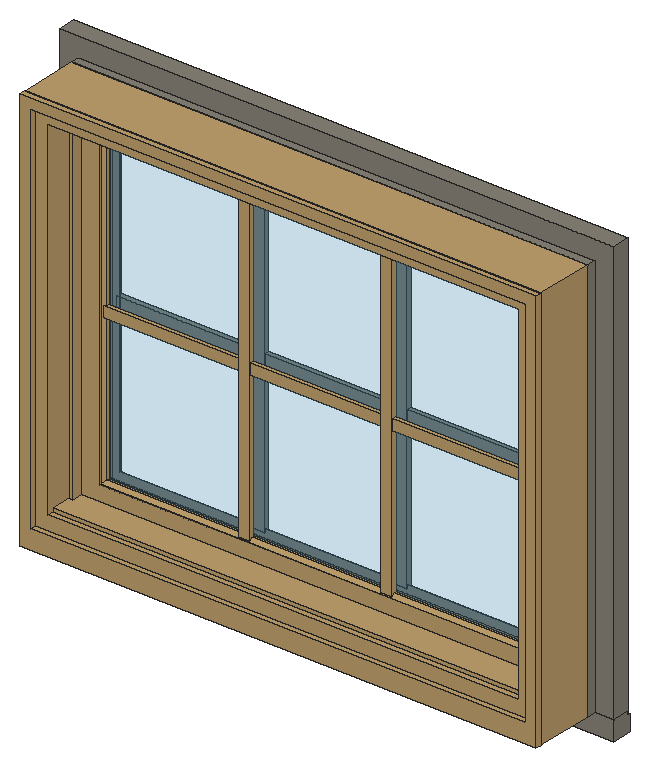
Revit family
Parameters (values of type "CUDHT-NG3020")
  Window Type = "Clad Ultimate Double Hung Transom Unit-NG"
  Void Offset_S = if(Subsill A217 Visibility, 0' 1 11/32", if(Subsill A246 Visibility, 0' 0 9/16", 0' 0"))  # 0' - 1 11/32"
  Void Offset = if(Flat Casing Visibility, 0' 3", if(BMC Visibility, 0' 1 5/16", 0' 0"))  # 0' - 1 5/16"
  URL = "www.marvin.com"
  Subsill Height = if(Subsill A217 Visibility, 0' 1 11/32", 0' 0 9/16")  # 0' - 1 11/32"
  Subsill A246 Visibility = and(Subsill Visibility, Subsill A246)  # no
  Subsill A217 Visibility = and(Subsill Visibility, Subsill A217)  # yes
  Rough Width = Width + 0' 1"  # 3' - 0 1/4"
  Rough Height = Height + 0' 0 1/2"  # 2' - 4 3/16"
  Prairie Corner Width = 0' - 4"
  Prairie Corner Height = 0' - 4"
  Nominal Width = 3' - 0"
  Nominal Height = 2' - 4"
  Muntins Interior Visibility = yes
  Muntins Interior Material = Wood-Marvin-Pine
  Muntins Exterior Visibility = yes
  Muntins Exterior Material = Aluminum-Marvin-Bronze
  Model = "CUDHT-NG3020"
  Manufacturer = "Marvin Windows and Doors"
  Lites Wide = 3
  Lites High = 2
  Lite Cut Prairie 9 = no
  Lite Cut HV Grid = not(Lite Cut Prairie 9)  # yes
  Interior Material = Wood-Marvin-Pine
  Frame = "Aluminum Clad"
  Flat Casing Visibility = and(Casing Visibility, Flat Casing)  # no
  Cladding Material = Aluminum-Marvin-Bronze
  Casing Visibility = yes
  BMC Visibility = and(Casing Visibility, BMC)  # yes
  BMC = yes
  Flat Casing = not(BMC)  # no
  Subsill Visibility = yes
  Subsill A246 = no
  Subsill A217 = not(Subsill A246)  # yes
  Label Visibility = no
  Jamb Extension Visibility = yes
  Inset to Installation Flange [instance] = 0' - 1"
  Height = Nominal Height - 0' 0 5/16"  # 2' - 3 11/16"
  Glazing Material = Glass-Marvin-IG Low E II with Argon
  Glass Type = "IG Low E II with Argon"
  Family created by = "www.rbuiltcomponents.com"
  Design Pressure = "DP50"
  Description = "3020 FIXED"
  Default Head Height = 8' - 0"
  Wall Closure = (empty or 0)
  Width = Nominal Width - 0' 0 3/4"  # 2' - 11 1/4"
  Daylight Area = DLO Width * DLO Height  # 4.1428 SF
  DLO Width = Width - 0' 6 1/2"  # 2' - 4 3/4"
  DLO Height = Height - 0' 6 15/16"  # 1' - 8 3/4"
  Assembly Code = ""
Reference planes (in)
  plane 1 "Center (Front/Back)": y = 0
  plane 2: z = 0
  plane 3 "Center (Left/Right)": x = 0
  plane 4 "Left": x = -17.625
  plane 5 "Right": x = 17.625
  plane 6 "Sill": z = 68.3125
  plane 7 "Top": z = 96
  plane 8 "Inset": y = 2
  plane 9 "Glazing 2": y = 1.4375
  plane 10 "Jamb Ext Face": y = -2.5625
  plane 11: z = 92.78125
  plane 12: x = 14.375
  plane 13: x = -14.375
  plane 14: z = 72.03125
  plane 15: y = -2.59375
  plane 16 "Void Offset": z = 97.3125
  plane 17 "Void Offset Sill": z = 66.96875
  plane 18: x = 18.9375
  plane 19: x = -18.9375
  plane 20: y = 0.46875
Forms (in)
  Sweep 1, solid, material "Aluminum-Marvin-Bronze" <- "Cladding Material"
    path origin (0, 1.4375, 0) x (1, 0, 0) y (0, 0, 1)
      loop
        line (17.03125, 68.3125) -> (-17.03125, 68.3125)
    profile "Clad Sill : Clad Sill" origin (0, 1.4375, 68.3125) x (0, 0, -1) y (0, -1, 0)
      loop
        line (0, 0) -> (-1.00185, 0) -> (-0.80316, -0.79687) -> (-0.72218, -0.79687) -> (-0.59375, -1.65625) -> (0, -1.65625) -> (0, 0)
  Sweep 2, solid, material "Aluminum-Marvin-Bronze" <- "Cladding Material"
    path origin (0, 1.4375, 0) x (1, 0, 0) y (0, 0, 1)
      loop
        line (-17.625, 68.3125) -> (-17.625, 96) -> (17.625, 96) -> (17.625, 68.3125)
    profile "Clad Frame : Clad Frame" origin (-17.625, 1.4375, 82.15625) x (-1, 0, 0) y (0, -1, 0)
      loop
        line (-1.78125, -0.78125) -> (-0.9375, -0.78125) -> (-0.9375, -1.1875) -> (-0.66381, -1.1875) -> (-0.59375, -1.65625) -> (0, -1.65625) -> (0, 0) -> (-1.5625, 0) -> (-1.5625, -0.4375) -> (-1.78125, -0.4375) -> (-1.78125, -0.78125)
  Sweep 3, solid, material "Wood-Marvin-Pine" <- "Interior Material"
    path origin (0, 1.4375, 0) x (1, 0, 0) y (0, 0, 1)
      loop
        line (16.125, 68.3125) -> (-16.125, 68.3125)
    profile "Sill interior : Sill interior" origin (0, 1.4375, 68.3125) x (0, 0, -1) y (0, -1, 0)
      loop
        line (0, 0) -> (0, 4) -> (-2.22769, 4) -> (-2.22769, 3.53125) -> (-2.47769, 3.53125) -> (-2.47769, 1.40625) -> (-1.35247, 1.40625) -> (-1.00185, 0) -> (0, 0)
  Sweep 4, solid, material "Wood-Marvin-Pine" <- "Interior Material"
    path origin (0, 1.4375, 0) x (1, 0, 0) y (0, 0, 1)
      loop
        line (-14.375, 72.03125) -> (14.375, 72.03125) -> (14.375, 92.78125) -> (-14.375, 92.78125) -> (-14.375, 72.03125)
    profile "Sash 2 : Sash 2" origin (-14.375, 1.4375, 82.40625) x (-1, 0, 0) y (0, -1, 0)
      loop
        line (1.65625, 1.40625) -> (0.21901, 1.40625) -> (0.21901, 1.33933) -> (0, 1.12032) -> (0, 0.96875) -> (0.75, 0.96875) -> (0.75, 0) -> (1.65625, 0) -> (1.65625, 1.40625)
  Sweep 5, solid, material "Aluminum-Marvin-Bronze" <- "Cladding Material"
    path origin (0, 1.4375, 0) x (1, 0, 0) y (0, 0, 1)
      loop
        line (-14.375, 72.03125) -> (14.375, 72.03125) -> (14.375, 92.78125) -> (-14.375, 92.78125) -> (-14.375, 72.03125)
    profile "Clad Sash : Clad Sash" origin (-14.375, 1.4375, 82.40625) x (-1, 0, 0) y (0, -1, 0)
      loop
        line (1.65625, 0) -> (0, 0) -> (0, -0.03595) -> (0.1875, -0.19262) -> (0.1875, -0.34375) -> (1.65625, -0.34375) -> (1.65625, 0)
  Sweep 6, solid, material "Aluminum-Marvin-Bronze" <- "Cladding Material"
    path in 3D
      loop
        line (16.03125, 1.78125, 70.375) -> (-16.03125, 1.78125, 70.375)
    profile "Clad Sash bottom ext : Clad Sash bottom ext" origin (0, 1.78125, 70.375) x (0, 1, 0) y (0, 0, -1)
      loop
        line (-0.34375, 0.65625) -> (-0.34375, 0) -> (0, 0) -> (0, 1.0986) -> (-0.25, 1.03627) -> (-0.25, 0.65625) -> (-0.34375, 0.65625)
  Sweep 7, solid, material "Wood-Marvin-Pine" <- "Interior Material"
    path in 3D
      loop
        line (16.03125, 1.4375, 70.375) -> (-16.03125, 1.4375, 70.375)
    profile "Sash bottom ext : Sash bottom ext" origin (0, 1.4375, 70.375) x (0, 1, 0) y (0, 0, -1)
      loop
        line (-1.40625, 0.65625) -> (-1.40625, 0) -> (0, 0) -> (0, 0.65625) -> (-1.40625, 0.65625)
  Extrusion 8, solid, material "Glass-Marvin-IG Low E II with Argon" <- "Glazing Material"
    sketch origin (0, 1.4375, 0) x (1, 0, 0) y (0, 0, 1)
      loop
        line (14.875, 93.28125) -> (-14.875, 93.28125) -> (-14.875, 71.53125) -> (14.875, 71.53125) -> (14.875, 93.28125)
    from 0 to 0.15625
  Extrusion 9, solid, material "Glass-Marvin-IG Low E II with Argon" <- "Glazing Material"
    sketch origin (0, 1.4375, 0) x (1, 0, 0) y (0, 0, 1)
      loop
        line (14.875, 93.28125) -> (-14.875, 93.28125) -> (-14.875, 71.53125) -> (14.875, 71.53125) -> (14.875, 93.28125)
    from 0.8125 to 0.96875
  Extrusion 10, solid, material "Wood-Marvin-Pine" <- "Interior Material", visible <- "Jamb Extension Visibility", detail levels medium+fine
    sketch origin (0, -2.3125, 0) x (1, 0, 0) y (0, 0, 1)
      loop
        line (-17.625, 96) -> (-17.625, 68.3125) -> (17.625, 68.3125) -> (17.625, 96) -> (-17.625, 96)
      loop
        line (-16.9375, 95.3125) -> (-16.9375, 69.625) -> (16.9375, 69.625) -> (16.9375, 95.3125) -> (-16.9375, 95.3125)
    from 0.28125 to 0.6875
  Extrusion 11, void
    sketch origin (0, 0, 68.3125) x (0, -1, 0) y (1, 0, 0)
      loop
        line (-2, -17.625) -> (3, -17.625) -> (3, 17.625) -> (-2, 17.625) -> (-2, -17.625)
    from 27.6875 to 0
  Extrusion 12, void
    sketch origin (0, 0, 68.3125) x (0, -1, 0) y (1, 0, 0)
      loop
        line (-3.125, -18.9375) -> (-2, -18.9375) -> (-2, 18.9375) -> (-3.125, 18.9375) -> (-3.125, -18.9375)
    from 29 to -1.34375
  Sweep 13, solid, material "Wood-Marvin-Pine" <- "Interior Material"
    path origin (0, 1.4375, 0) x (1, 0, 0) y (0, 0, 1)
      loop
        line (-17.625, 68.3125) -> (-17.625, 96) -> (17.625, 96) -> (17.625, 68.3125)
    profile "Int Frame : Int Frame" origin (-17.625, 1.4375, 82.15625) x (-1, 0, 0) y (0, -1, 0)
      loop
        line (0, 0) -> (0, 4) -> (-1.5, 4) -> (-1.5, 2.1875) -> (-1.78125, 2.1875) -> (-1.78125, 1.45313) -> (-1.5, 1.45313) -> (-1.5, 0) -> (0, 0)
Cuts and joins
  joined: Sweep 5, Sweep 6
  joined: Sweep 4, Sweep 7
  joined: Sweep 1, Sweep 2
  joined: Sweep 3, Sweep 13
Lines and regions (in)
  Masking region 1
    outline origin (0, 0, 68.3125) x (0, -1, 0) y (1, 0, 0)
      loop
        line (-3.09375, -17.625) -> (2.5625, -17.625) -> (2.5625, 17.625) -> (-3.09375, 17.625) -> (-3.09375, -17.625)
  Masking region 2
    outline origin (0, 0, 0) x (0, 1, 0) y (0, 0, 1)
      loop
        line (3.09375, 96) -> (-2.5625, 96) -> (-2.5625, 68.3125) -> (3.09375, 68.3125) -> (3.09375, 96)
  Masking region 3, visible <- "Jamb Extension Visibility"
    outline origin (0, 0, 0) x (0, 1, 0) y (0, 0, 1)
      loop
        line (-2.59375, 96) -> (-3, 96) -> (-3, 68.3125) -> (-2.59375, 68.3125) -> (-2.59375, 96)
  Masking region 4, visible <- "Jamb Extension Visibility"
    outline origin (0, 0, 68.3125) x (0, -1, 0) y (1, 0, 0)
      loop
        line (2.59375, -17.625) -> (3, -17.625) -> (3, 17.625) -> (2.59375, 17.625) -> (2.59375, -17.625)
  symbolic lines, style "Jamb Extension", visible <- "Jamb Extension Visibility", detail levels fine
    curve 1: line (-16.9375, -2.59375, 68.3125) -> (-16.9375, -3, 68.3125)
    curve 2: line (16.9375, -3, 68.3125) -> (16.9375, -2.59375, 68.3125)
    curve 3: line (0, -2.59375, 95.3125) -> (0, -3, 95.3125)
    curve 4: line (0, -2.59375, 69.625) -> (0, -3, 69.625)
    curve 35: line (-16.9375, -3, 0) -> (-17.625, -3, 0)
    curve 36: line (16.9375, -3, 0) -> (17.625, -3, 0)
    curve 41: line (0, -3, 69.625) -> (0, -3, 68.3125)
    curve 42: line (0, -3, 95.3125) -> (0, -3, 96)
  symbolic lines, style "WindowsFrameMullionProjection", detail levels coarse+medium
    curve 5: line (-17.625, 3.09375, 68.3125) -> (-16.125, 3.09375, 68.3125)
    curve 6: line (-16.125, 3.09375, 68.3125) -> (-16.125, -2.5625, 68.3125)
    curve 7: line (-16.125, -2.5625, 68.3125) -> (-17.625, -2.5625, 68.3125)
    curve 8: line (17.625, 3.09375, 68.3125) -> (16.125, 3.09375, 68.3125)
    curve 9: line (16.125, 3.09375, 68.3125) -> (16.125, -2.5625, 68.3125)
    curve 10: line (16.125, -2.5625, 68.3125) -> (17.625, -2.5625, 68.3125)
    curve 11: line (-14.375, 1.78125, 68.3125) -> (14.38, 1.78125, 68.3125)
    curve 12: line (14.38, 1.78125, 68.3125) -> (16.125, 1.78125, 68.3125)
    curve 13: line (-14.375, 0.03125, 68.3125) -> (14.38, 0.03125, 68.3125)
    curve 14: line (14.38, 1.78125, 68.3125) -> (14.38, 0.03125, 68.3125)
    curve 15: line (14.38, 0.03125, 68.3125) -> (16.125, 0.03125, 68.3125)
    curve 16: line (-14.375, 1.78125, 68.3125) -> (-16.125, 1.78125, 68.3125)
    curve 17: line (-14.375, 1.78125, 68.3125) -> (-14.375, 0.03125, 68.3125)
    curve 18: line (-14.375, 0.03125, 68.3125) -> (-16.125, 0.03125, 68.3125)
    curve 19: line (0, 3.09375, 96) -> (0, 3.09375, 95.0625)
    curve 20: line (0, 3.09375, 95.0625) -> (0, -2.5625, 95.0625)
    curve 21: line (0, -2.5625, 95.0625) -> (0, -2.5625, 96)
    curve 22: line (0, 3.09375, 68.3125) -> (0, 3.09375, 68.89861)
    curve 23: line (0, 3.09375, 68.89861) -> (0, 0.03125, 69.66799)
    curve 24: line (0, -2.5625, 70.54019) -> (0, -2.5625, 68.3125)
    curve 25: line (0, -2.09375, 70.54019) -> (0, -2.5625, 70.54019)
    curve 26: line (0, 1.78125, 72.03125) -> (0, 1.78125, 92.78125)
    curve 27: line (0, 0.03125, 72.03125) -> (0, 0.03125, 92.78125)
    curve 28: line (0, 1.78125, 69.22835) -> (0, 1.78125, 72.03125)
    curve 29: line (0, 1.78125, 72.03125) -> (0, 0.03125, 72.03125)
    curve 30: line (0, 0.03125, 72.03125) -> (0, 0.03125, 69.66799)
    curve 32: line (0, 1.78125, 95.0625) -> (0, 1.78125, 92.78125)
    curve 33: line (0, 0.03125, 92.78125) -> (0, 0.03125, 95.0625)
    curve 34: line (0, 0.03125, 92.78125) -> (0, 1.78125, 92.78125)
    curve 50: line (0, 3.09375, 96) -> (0, -3, 96)
    curve 51: line (0, 3.09375, 68.3125) -> (0, -3, 68.3125)
    curve 52: line (-17.625, 3.09375, 68.3125) -> (-17.625, -2.5625, 68.3125)
    curve 53: line (17.625, 3.09375, 68.3125) -> (17.625, -2.5625, 68.3125)
    curve 54: line (0, -2.09375, 70.54019) -> (0, -2.09375, 70.79019)
    curve 55: line (0, 0.03125, 70.79019) -> (0, -2.09375, 70.79019)
  symbolic lines, style "WindowsGlassProjection", detail levels coarse+medium
    curve 31: line (0, 0.90625, 92.78125) -> (0, 0.90625, 72.03125)
    curve 49: line (-14.375, 0.90625, 68.3125) -> (14.38, 0.90625, 68.3125)
  symbolic lines, style "WindowsFrameMullionProjection", visible <- "Jamb Extension Visibility", detail levels coarse+medium
    curve 37: line (-17.625, -3, 0) -> (-16.9375, -3, 0)
    curve 38: line (-16.9375, -3, 0) -> (-16.9375, -2.59375, 0)
    curve 39: line (17.625, -3, 0) -> (16.9375, -3, 0)
    curve 40: line (16.9375, -3, 0) -> (16.9375, -2.59375, 0)
    curve 43: line (0, -2.59375, 69.625) -> (0, -3, 69.625)
    curve 44: line (0, -3, 69.625) -> (0, -3, 68.3125)
    curve 45: line (0, -2.59375, 95.3125) -> (0, -3, 95.3125)
    curve 46: line (0, -3, 95.3125) -> (0, -3, 96)
  sketch lines
    curve 47: line (16.03125, 1.78125, 70.375) -> (-16.03125, 1.78125, 70.375)
    curve 48: line (16.03125, 1.4375, 70.375) -> (-16.03125, 1.4375, 70.375)
Text (in)
  text "EXTERIOR" at (-58.6888, 50.90694, 0), in view "Ref. Level"
  text "INTERIOR" at (-58.6888, -37.76638, 0), in view "Ref. Level"
  text "Exterior" at (0, 43.65631, 123.19604), in view "Left"
  text "Exterior" at (0, 18.29385, 125.04747), in view "Right"
Dimensions and locks (in)
  equal spacing: plane 4 "Left", plane 3 "Center (Left/Right)", plane 5 "Right"
  "Width": plane 4 "Left" to plane 5 "Right"
  "Height": plane 6 "Sill" to plane 7 "Top"
  "Default Head Height": level to plane 7 "Top"
  "Inset to Installation Flange": host wall to plane 8 "Inset"
  locked: plane 9 "Glazing 2" to plane 8 "Inset" at 0.5625
  locked: plane 10 "Jamb Ext Face" to plane 8 "Inset" at 4.5625
  locked: plane 11 to plane 7 "Top" at 3.21875
  locked: plane 6 "Sill" to plane 14 at 3.71875
  locked: plane 4 "Left" to plane 13 at 3.25
  locked: plane 12 to plane 5 "Right" at 3.25
  locked: plane 12 to Extrusion 8 sketch curve at 0.5
  locked: Extrusion 8 sketch curve to plane 14 at 0.5
  locked: Extrusion 8 sketch curve to plane 13 at 0.5
  locked: Sweep 1 sketch curve to plane 5 "Right" at 0.59375
  locked: plane 4 "Left" to Sweep 1 sketch curve at 0.59375
  locked: plane 4 "Left" to Extrusion 10 sketch curve at 0.6875
  locked: plane 7 "Top" to Extrusion 10 sketch curve at 0.6875
  locked: Extrusion 10 sketch curve to plane 6 "Sill" at 1.3125
  locked: Extrusion 10 sketch curve to plane 5 "Right" at 0.6875
  locked: nested 2 to host wall at 12
  locked: plane 14 to Extrusion 9 sketch curve at 0.5
  locked: Extrusion 9 sketch curve to plane 13 at 0.5
  locked: plane 12 to Extrusion 9 sketch curve at 0.5
  locked: plane 15 to plane 10 "Jamb Ext Face" at 0.03125
  "Void Offset": plane 7 "Top" to plane 16 "Void Offset"
  "Void Offset_S": plane 17 "Void Offset Sill" to plane 6 "Sill"
  "Void Offset": plane 19 to plane 4 "Left"
  "Void Offset": plane 5 "Right" to plane 18
  locked: Extrusion 12 sketch curve to host wall at 0.125
  locked: plane 20 to plane 9 "Glazing 2" at 0.96875
  locked: plane 9 "Glazing 2" to Extrusion 8 at 0.15625
  locked: Extrusion 9 to plane 20 at 0.15625
  locked: plane 11 to Extrusion 8 sketch curve at 0.5
  locked: plane 11 to Extrusion 9 sketch curve at 0.5
  aligned and locked: nested 1 to plane 3 "Center (Left/Right)"
  aligned and locked: plane 8 "Inset" to nested 1
  aligned and locked: plane 6 "Sill" to Sweep 1 sketch curve
  aligned and locked: plane 4 "Left" to Sweep 2 sketch curve
  aligned and locked: Sweep 2 sketch curve to plane 7 "Top"
  aligned and locked: Sweep 2 sketch curve to plane 5 "Right"
  aligned and locked: plane 6 "Sill" to Sweep 2 sketch curve  (x2)
  aligned and locked: plane 6 "Sill" to Sweep 3 sketch curve
  aligned and locked: plane 13 to Sweep 4 sketch curve
  aligned and locked: Sweep 4 sketch curve to plane 12
  aligned and locked: plane 14 to Sweep 4 sketch curve
  aligned and locked: plane 13 to Sweep 5 sketch curve
  aligned and locked: Sweep 5 sketch curve to plane 12
  aligned and locked: plane 14 to Sweep 5 sketch curve
  aligned and locked: Extrusion 10 sketch curve to plane 4 "Left"
  aligned and locked: plane 7 "Top" to Extrusion 10 sketch curve
  aligned and locked: plane 5 "Right" to Extrusion 10 sketch curve
  aligned and locked: Extrusion 10 sketch curve to plane 6 "Sill"
  aligned and locked: host wall to Extrusion 10
  aligned and locked: Masking region 1 sketch curve to plane 4 "Left"
  aligned and locked: plane 5 "Right" to Masking region 1 sketch curve
  aligned and locked: plane 7 "Top" to Masking region 2 sketch curve
  aligned and locked: Masking region 2 sketch curve to plane 6 "Sill"
  aligned and locked: plane 10 "Jamb Ext Face" to curve 10
  aligned and locked: plane 13 to curve 17
  aligned and locked: host wall to curve 1
  aligned and locked: host wall to curve 2
  aligned and locked: curve 7 to plane 10 "Jamb Ext Face"
  aligned and locked: plane 4 "Left" to curve 37
  aligned and locked: host wall to curve 37
  aligned and locked: plane 5 "Right" to curve 39
  aligned and locked: curve 39 to host wall
  aligned and locked: host wall to curve 4
  aligned and locked: plane 6 "Sill" to curve 41
  aligned and locked: plane 7 "Top" to curve 42
  aligned and locked: host wall to curve 42
  aligned and locked: plane 7 "Top" to curve 21
  aligned and locked: plane 10 "Jamb Ext Face" to curve 21
  aligned and locked: plane 3 "Center (Left/Right)" to nested 2
  aligned and locked: Extrusion 8 to plane 9 "Glazing 2"
  aligned and locked: Extrusion 10 to curve 3
  aligned and locked: Extrusion 10 to curve 1
  aligned and locked: Extrusion 10 to curve 38  (x2)
  aligned and locked: Extrusion 10 to curve 2
  aligned and locked: Extrusion 10 to curve 40
  aligned and locked: curve 24 to plane 10 "Jamb Ext Face"
  aligned and locked: Extrusion 10 to curve 4
  aligned and locked: Extrusion 10 to curve 43
  aligned and locked: Extrusion 10 to plane 15
  aligned and locked: Masking region 2 sketch curve to plane 10 "Jamb Ext Face"
  aligned and locked: plane 7 "Top" to Masking region 3 sketch curve
  aligned and locked: Masking region 3 sketch curve to plane 6 "Sill"
  aligned and locked: plane 15 to Masking region 3 sketch curve
  aligned and locked: Masking region 3 sketch curve to host wall
  aligned and locked: Extrusion 10 to curve 45
  aligned and locked: Masking region 1 sketch curve to plane 10 "Jamb Ext Face"
  aligned and locked: Masking region 4 sketch curve to plane 4 "Left"
  aligned and locked: plane 5 "Right" to Masking region 4 sketch curve
  aligned and locked: plane 15 to Masking region 4 sketch curve
  aligned and locked: Masking region 4 sketch curve to host wall
  aligned and locked: Extrusion 11 sketch curve to host wall
  aligned and locked: Extrusion 11 sketch curve to plane 4 "Left"
  aligned and locked: plane 5 "Right" to Extrusion 11 sketch curve
  aligned and locked: plane 8 "Inset" to Extrusion 11 sketch curve
  aligned and locked: Extrusion 11 to plane 7 "Top"
  aligned and locked: plane 6 "Sill" to Extrusion 11
  aligned and locked: Extrusion 12 sketch curve to plane 19
  aligned and locked: plane 18 to Extrusion 12 sketch curve
  aligned and locked: Extrusion 12 sketch curve to plane 8 "Inset"
  aligned and locked: Extrusion 12 to plane 16 "Void Offset"
  aligned and locked: plane 17 "Void Offset Sill" to Extrusion 12
  aligned and locked: plane 3 "Center (Left/Right)" to nested 3
  aligned and locked: plane 8 "Inset" to nested 3
  aligned and locked: nested 3 to plane 6 "Sill"
  aligned and locked: plane 20 to Extrusion 9
  aligned and locked: curve 6 to nested 1
  aligned and locked: curve 16 to nested 1
  aligned and locked: curve 18 to nested 1
  aligned and locked: curve 9 to nested 1
  aligned and locked: curve 5 to nested 1
  aligned and locked: curve 8 to nested 1
  aligned and locked: curve 1 to Extrusion 10
  aligned and locked: curve 2 to Extrusion 10
  aligned and locked: curve 40 to Extrusion 10
  aligned and locked: plane 6 "Sill" to curve 51
  aligned and locked: plane 4 "Left" to curve 52
  aligned and locked: plane 5 "Right" to curve 53
  aligned and locked: plane 9 "Glazing 2" to nested 5
  aligned and locked: nested 4 to plane 20
  aligned and locked: plane 14 to curve 29
  aligned and locked: curve 34 to plane 11
  aligned and locked: Sweep 5 sketch curve to plane 11
  aligned and locked: Sweep 4 sketch curve to plane 11
  aligned and locked: plane 11 to nested 5
  aligned and locked: plane 11 to nested 4
  aligned and locked: Masking region 2 sketch curve to cut or joined group of Sweep 1, Sweep 2
  aligned and locked: curve 19 to cut or joined group of Sweep 1, Sweep 2
  aligned and locked: Masking region 1 sketch curve to cut or joined group of Sweep 1, Sweep 2
  aligned and locked: Sweep 13 sketch curve to plane 7 "Top"
  aligned and locked: Sweep 13 sketch curve to plane 5 "Right"
  aligned and locked: plane 4 "Left" to Sweep 13 sketch curve
  aligned and locked: plane 6 "Sill" to Sweep 13 sketch curve  (x2)
  aligned and locked: curve 43 to Extrusion 10
  aligned and locked: curve 4 to Extrusion 10
  aligned and locked: curve 32 to cut or joined group of Sweep 5, Sweep 6
  aligned and locked: cut or joined group of Sweep 4, Sweep 7 to curve 33
  aligned and locked: nested 6 to plane 7 "Top"
  aligned and locked: nested 6 to plane 8 "Inset"
  aligned and locked: curve 22 to cut or joined group of Sweep 1, Sweep 2
Automatic sketch dimensions
  Sweep 3 sketch curve to plane 4 "Left" = 0' - 1 1/2"
  plane 5 "Right" to Sweep 3 sketch curve = 0' - 1 1/2"
  curve 35 to plane 4 "Left" = 0' - 0"
  curve 36 to plane 5 "Right" = 0' - 0"
  curve 49 to plane 20 = 0' - 0 7/16"
  curve 11 to plane 12 = 0' - 0.005"
  curve 24 to curve 25 = 0' - 0 15/32"
  curve 31 to plane 20 = 0' - 0 7/16"
  curve 22 to plane 6 "Sill" = 0' - 0.58611"
  curve 28 to plane 6 "Sill" = 0' - 0.91585"
  curve 4 to curve 25 = 0' - 0.91519"
  curve 25 to curve 54 = 0' - 0 1/4"
  curve 20 to curve 3 = 0' - 0 1/4"
Nested families (in)
  nested 1: "Double_Hung_Plan_Detail" at (0, 2, 68.3125) x (-1, 0, 0) z (0, 0, -1), type "Double_Hung_Plan_Detail", detail levels fine
    with Width 2' - 11 1/4"
  nested 2: "Label Annotation 1-16 w" at (0, 15, 0), visible <- "Label Visibility", type "Label Annotation 1-16 w"
  nested 3: "Casing_Clad" at (0, 2, 68.3125), type "Casing_Clad"
    with Width 2' - 11 1/4", Height 2' - 3 11/16"
  nested 4: "Muntins" at (0, 0.46875, 36.03125) x (-1, 0, 0) z (0, 0, 1), Muntin Material <- "Muntins Interior Material", visible <- "Muntins Interior Visibility", type "Muntins 2"
    with MuntinDepth 0' - 0 5/16", Muntin Material Wood-Marvin-Pine, GlazingWidth 2' - 4 3/4", GlazingHeight 1' - 8 3/4", Width 2' - 5 3/16", LitesVertical 2, HorizMuntVisible no, Height 1' - 9 3/16", Inset Vert 0' - 9.35417", Inset Horiz 0' - 6 11/16", CenterMuntinHorizontal yes
  nested 5: "Muntins" at (0, 1.4375, 36.03125), Muntin Material <- "Muntins Exterior Material", visible <- "Muntins Exterior Visibility", type "Muntins 2"
    with MuntinDepth 0' - 0 5/16", Muntin Material Aluminum-Marvin-Bronze, GlazingWidth 2' - 4 3/4", GlazingHeight 1' - 8 3/4", Width 2' - 5 3/16", LitesVertical 2, HorizMuntVisible no, Height 1' - 9 3/16", Inset Vert 0' - 9.35417", Inset Horiz 0' - 6 11/16", CenterMuntinHorizontal yes
  nested 6: "Double_Hung_Section_Detail" at (0, 2, 82.15625) x (0, 1, 0) z (1, 0, 0), type "Double_Hung_Section_Detail", detail levels fine
    with Height 2' - 3 11/16"
Definition of nested family "Casing_Clad"
  Parameters (values of type "Casing_Clad")
    Width = 16' - 0"
    Subsill Visibility = yes
    Subsill Offset = if(Flat Casing Visibility, 0' 3", if(BMC Visibility, 0' 1 5/16", 0' 0"))  # 0' - 1 5/16"
    Subsill Height = 0' - 1 11/32"
    Height = 12' - 0"
    Flat Casing Visibility = no
    Cladding Finish = Aluminum-Marvin-Bronze
    Casing Offset = if(BMC Visibility, 0' 0 3/16", 0' 0")  # 0' - 0 3/16"
    BMC Visibility = yes
    Assembly Code = ""
  Reference planes (in)
    plane 1 "Center (Front/Back)": y = 0
    plane 2: z = 0
    plane 3 "Center (Left/Right)": x = 0
    plane 4: z = 144
    plane 5: x = -96
    plane 6: x = 96
    plane 7 "Subsill": z = -1.34375
    plane 8 "Offset S": z = -0.1875
  Forms (in)
    Sweep 1, solid, material "Aluminum-Marvin-Bronze" <- "Cladding Finish", visible <- "BMC Visibility"
      path origin (0, 0, 0) x (1, 0, 0) y (0, 0, 1)
        loop
          line (-96, -0.1875) -> (-96, 144) -> (96, 144) -> (96, -0.1875)
      profile "BMC_Clad : BMC_Clad" origin (96, 0, 71.90625) x (1, 0, 0) y (0, -1, 0)
        loop
          line (0.71589, -1.25) -> (1.3125, -1.25) -> (1.3125, 0) -> (0, 0) -> (0, -1.09375) -> (0.38081, -1.09375) -> (0.71589, -1.25)
    Sweep 2, solid, material "Aluminum-Marvin-Bronze" <- "Cladding Finish", visible <- "Flat Casing Visibility"
      path origin (0, 0, 0) x (1, 0, 0) y (0, 0, 1)
        loop
          line (-96, 0) -> (-96, 144) -> (96, 144) -> (96, 0)
      profile "Flat_Casing_Clad : Flat_Casing_Clad" origin (96, 0, 72) x (1, 0, 0) y (0, -1, 0)
        loop
          line (3, -1.09375) -> (3, 0) -> (0, 0) -> (0, -1.09375) -> (3, -1.09375)
    Sweep 3, solid, material "Aluminum-Marvin-Bronze" <- "Cladding Finish", visible <- "Subsill Visibility"
      path origin (0, 0, 0) x (1, 0, 0) y (0, 0, 1)
        loop
          line (-97.3125, 0) -> (97.3125, 0)
      profile origin (0, 0, 0) x (0, 0, 1) y (0, -1, 0)
        loop
          line (0, 0) -> (-1.34375, 0) -> (-1.34375, -1.34375) -> (-0.1875, -1.34375) -> (-0.15265, -1.09401) -> (0, -1.09401) -> (0, 0)
  Lines and regions (in)
    Masking region 1, visible <- "Flat Casing Visibility"
      outline origin (0, 0, 0) x (1, 0, 0) y (0, 1, 0)
        loop
          line (-96, 0) -> (-96, 1.09375) -> (-99, 1.09375) -> (-99, 0) -> (-96, 0)
    Masking region 2, visible <- "Flat Casing Visibility"
      outline origin (0, 0, 0) x (0, 1, 0) y (-1, 0, 0)
        loop
          line (0, -96) -> (0, -99) -> (1.09375, -99) -> (1.09375, -96) -> (0, -96)
    Masking region 3, visible <- "BMC Visibility"
      outline origin (0, 0, 0) x (1, 0, 0) y (0, 1, 0)
        loop
          line (96, 1.09375) -> (96, 0) -> (97.3125, 0) -> (97.3125, 1.25) -> (96.71589, 1.25) -> (96.38081, 1.09375) -> (96, 1.09375)
    Masking region 4, visible <- "BMC Visibility"
      outline origin (0, 0, 0) x (0, 1, 0) y (-1, 0, 0)
        loop
          line (1.09375, 96) -> (1.09375, 96.38081) -> (1.25, 96.71589) -> (1.25, 97.3125) -> (0, 97.3125) -> (0, 96) -> (1.09375, 96)
    Masking region 5, visible <- "Flat Casing Visibility"
      outline origin (0, 0, 0) x (0, 1, 0) y (0, 0, 1)
        loop
          line (1.09375, 147) -> (0, 147) -> (0, 144) -> (1.09375, 144) -> (1.09375, 147)
    Masking region 6, visible <- "BMC Visibility"
      outline origin (0, 0, 0) x (0, 1, 0) y (0, 0, 1)
        loop
          line (1.25, 145.3125) -> (0, 145.3125) -> (0, 144) -> (1.09375, 144) -> (1.09375, 144.38081) -> (1.25, 144.71589) -> (1.25, 145.3125)
    Masking region 7, visible <- "Subsill Visibility"
      outline origin (0, 0, 0) x (0, 1, 0) y (0, 0, 1)
        loop
          line (1.34375, -0.1875) -> (1.09401, -0.15265) -> (1.09401, 0) -> (0, 0) -> (0, -1.34375) -> (1.34375, -1.34375) -> (1.34375, -0.1875)
    symbolic lines, style "Frame/Mullion", visible <- "BMC Visibility", detail levels coarse+medium
      curve 1: line (-96.71589, 1.25, 0) -> (-97.3125, 1.25, 0)
      curve 2: line (-96.38081, 1.09375, 0) -> (-96.71589, 1.25, 0)
      curve 3: line (-96, 1.09375, 0) -> (-96.38081, 1.09375, 0)
      curve 4: line (-97.3125, 1.25, 0) -> (-97.3125, 0, 0)
      curve 9: line (97.3125, 0, 0) -> (97.3125, 1.25, 0)
      curve 10: line (97.3125, 1.25, 0) -> (96.71589, 1.25, 0)
      curve 11: line (96.71589, 1.25, 0) -> (96.38081, 1.09375, 0)
      curve 12: line (96.38081, 1.09375, 0) -> (96, 1.09375, 0)
      curve 19: line (0, 1.25, 145.3125) -> (0, 0, 145.3125)
      curve 20: line (0, 1.25, 144.71589) -> (0, 1.25, 145.3125)
      curve 21: line (0, 1.09375, 144.38081) -> (0, 1.25, 144.71589)
      curve 22: line (0, 1.09375, 144) -> (0, 1.09375, 144.38081)
    symbolic lines, style "Frame/Mullion", visible <- "Flat Casing Visibility", detail levels coarse+medium
      curve 5: line (-99, 1.09375, 0) -> (-99, 0, 0)
      curve 6: line (-96, 1.09375, 0) -> (-99, 1.09375, 0)
      curve 7: line (99, 0, 0) -> (99, 1.09375, 0)
      curve 8: line (99, 1.09375, 0) -> (96, 1.09375, 0)
      curve 17: line (0, 1.09375, 147) -> (0, 0, 147)
      curve 18: line (0, 1.09375, 144) -> (0, 1.09375, 147)
    symbolic lines, style "Frame/Mullion", visible <- "Subsill Visibility", detail levels coarse+medium
      curve 13: line (0, 1.09401, -0.15265) -> (0, 1.09401, 0)
      curve 14: line (0, 1.34375, -0.1875) -> (0, 1.09401, -0.15265)
      curve 15: line (0, 1.34375, -1.34375) -> (0, 1.34375, -0.1875)
      curve 16: line (0, 0, -1.34375) -> (0, 1.34375, -1.34375)
  Dimensions and locks (in)
    "Width": plane 6 to plane 5
    equal spacing: plane 6, plane 3 "Center (Left/Right)", plane 5
    "Height": plane 4 to plane 2
    "Casing Offset": level to plane 8 "Offset S"
    "Subsill Height": level to plane 7 "Subsill"
    locked: Sweep 3 sketch curve to Sweep 3 sketch curve at 1.34375
    locked: Sweep 3 sketch curve to profile plane at 0.1875
    "Subsill Offset": plane 5 to Sweep 3 sketch curve
    "Subsill Offset": Sweep 3 sketch curve to plane 6
    locked: curve 17 to plane 4 at 3
    locked: curve 18 to plane 1 "Center (Front/Back)" at 1.09375
    locked: curve 19 to plane 4 at 1.3125
    curve 21 to curve 22 to plane 4 = 0' - 0.33508" locked, 0' - 0.38081" locked
    locked: curve 20 to plane 1 "Center (Front/Back)" at 1.25
    aligned and locked: plane 4 to Sweep 1 sketch curve
    aligned and locked: plane 5 to Sweep 1 sketch curve
    aligned and locked: plane 4 to Sweep 2 sketch curve
    aligned and locked: plane 5 to Sweep 2 sketch curve
    aligned and locked: Masking region 1 sketch curve to Sweep 1
    aligned and locked: Masking region 1 sketch curve to plane 1 "Center (Front/Back)"
    aligned and locked: Sweep 2 to Masking region 1 sketch curve
    aligned and locked: Masking region 1 sketch curve to Sweep 2
    aligned and locked: Masking region 2 sketch curve to Sweep 2  (x3)
    aligned and locked: Sweep 2 to Masking region 2 sketch curve
    aligned and locked: Masking region 3 sketch curve to Sweep 2
    aligned and locked: Masking region 3 sketch curve to Sweep 1  (x4)
    aligned and locked: Sweep 1 to Masking region 3 sketch curve
    aligned and locked: Masking region 4 sketch curve to Sweep 2
    aligned and locked: Masking region 4 sketch curve to Sweep 1  (x5)
    aligned and locked: Masking region 5 sketch curve to Sweep 2  (x2)
    aligned and locked: Sweep 1 to Masking region 5 sketch curve
    aligned and locked: Masking region 5 sketch curve to Sweep 1
    aligned and locked: Masking region 6 sketch curve to Sweep 1  (x6)
    aligned and locked: Masking region 2 to curve 8
    aligned and locked: Masking region 3 to curve 10
    aligned and locked: Masking region 3 to curve 12
    aligned and locked: Sweep 2 sketch curve to plane 6
    aligned and locked: Sweep 1 sketch curve to plane 6
    aligned and locked: curve 5 to Sweep 2
    aligned and locked: curve 4 to Sweep 1
    aligned and locked: Sweep 1 to curve 1
    aligned and locked: curve 2 to Sweep 1
    aligned and locked: Sweep 1 to curve 3
    aligned and locked: curve 7 to Sweep 2
    aligned and locked: curve 9 to Sweep 1
    aligned and locked: curve 11 to Sweep 1
    aligned and locked: plane 8 "Offset S" to Sweep 1 sketch curve  (x2)
    aligned and locked: Sweep 3 sketch curve to plane 2
    aligned and locked: plane 7 "Subsill" to Sweep 3 sketch curve
    aligned and locked: plane 2 to Sweep 2 sketch curve  (x2)
    aligned and locked: Masking region 7 sketch curve to Sweep 3  (x5)
    aligned and locked: Masking region 7 sketch curve to Sweep 2
    aligned and locked: curve 13 to Sweep 3
    aligned and locked: curve 14 to Sweep 3
    aligned and locked: curve 15 to Sweep 3
    aligned and locked: curve 16 to Sweep 3
    aligned and locked: Masking region 6 to curve 22
  Automatic sketch dimensions
    curve 4 to plane 1 "Center (Front/Back)" = 0' - 0"
    curve 5 to plane 1 "Center (Front/Back)" = 0' - 0"
    curve 7 to plane 1 "Center (Front/Back)" = 0' - 0"
    curve 9 to plane 1 "Center (Front/Back)" = 0' - 0"
    plane 5 to curve 6 = 0' - 0"
    curve 12 to plane 6 = 0' - 0"
    Sweep 3 sketch curve to Sweep 3 sketch curve = 0' - 0.03485"
    Sweep 3 sketch curve to Sweep 3 sketch curve = 0' - 0.15265"
    Sweep 3 sketch curve to plane 1 "Center (Front/Back)" = 0' - 1 11/32"
    Sweep 3 sketch curve to Sweep 3 sketch curve = 0' - 0.24974"
    curve 13 to level = 0' - 0"
    curve 16 to plane 1 "Center (Front/Back)" = 0' - 0"
    curve 17 to plane 1 "Center (Front/Back)" = 0' - 0"
    curve 19 to plane 1 "Center (Front/Back)" = 0' - 0"
    plane 4 to curve 22 = 0' - 0"
    curve 18 to curve 22 = 0' - 0"
Definition of nested family "Muntins"
  Parameters (values of type "Muntins")
    PrairieMuntVisible = no
    Prairie Corner Width = 0' - 4"
    Prairie Corner Height = 0' - 4"
    Muntin Extension = 0' - 0 7/16"
    GridMuntVisible = yes
    GlazingWidth = 2' - 0"
    GlazingHeight = 2' - 11 1/8"
    Width = GlazingWidth + Muntin Extension  # 2' - 0 7/16"
    VerticalMuntins = if(LitesHorizontal < 3, 2, LitesHorizontal - 1)  # 2
    VertMuntVisible = and(GridMuntVisible, LitesHorizontal > 2)  # yes
    MuntinWidth = 0' - 0 3/4"
    MuntinDepth [instance] = 0' - 0 3/8"
    Muntin Material [instance] = none
    LitesVertical = 3
    LitesHorizontal = 3
    HorizontalMuntins = if(LitesVertical < 3, 2, LitesVertical - 1)  # 2
    HorizMuntVisible = and(GridMuntVisible, LitesVertical > 2)  # yes
    Height = GlazingHeight + Muntin Extension  # 2' - 11 9/16"
    Inset Vert = if(LitesHorizontal < 3, (Width / 3) - (MuntinWidth / 2), (Width / LitesHorizontal) - (MuntinWidth / 2))  # 0' - 7.77083"
    Inset Horiz = if(LitesVertical < 3, (Height / 3) - (MuntinWidth / 2), (Height / LitesVertical) - (MuntinWidth / 2))  # 0' - 11.47917"
    CenterMuntinVertical = and(GridMuntVisible, LitesHorizontal = 2)  # no
    CenterMuntinHorizontal = and(GridMuntVisible, LitesVertical = 2)  # no
    Assembly Code = ""
  Reference planes (in)
    plane 1 "Center (Front/Back)": y = 0
    plane 2: z = 0
    plane 3 "Center (Left/Right)": x = 0
    plane 4: z = 35.78125
    plane 5: z = 53.5625
    plane 6: z = 71.34375
    plane 7: z = 59.86458
    plane 8: z = 47.26042
    plane 9: z = 71.125
    plane 10: z = 36
    plane 11: x = -12
    plane 12: x = 12
    plane 13: x = -4.44792
    plane 14: x = -12.21875
    plane 15: x = 12.21875
    plane 16: x = 4.44792
    plane 17: z = 67.125
    plane 18: z = 40
    plane 19: x = -8
    plane 20: x = 8
  Forms (in)
    Extrusion 1, solid, material <- "Muntin Material", visible <- "CenterMuntinVertical", detail levels medium+fine
      sketch origin (9, 0, 0) x (1, 0, 0) y (0, 0, 1)
        loop
          line (-9.375, 71.34375) -> (-9.375, 35.78125) -> (-8.625, 35.78125) -> (-8.625, 71.34375) -> (-9.375, 71.34375)
      from 0 to 0.375 <- "MuntinDepth"
    Extrusion 2, solid, material <- "Muntin Material", visible <- "CenterMuntinHorizontal", detail levels medium+fine
      sketch origin (-0.0013, 0, 14.6875) x (1, 0, 0) y (0, 0, 1)
        loop
          line (-12.21745, 39.25) -> (-12.21745, 38.5) -> (12.22005, 38.5) -> (12.22005, 39.25) -> (-12.21745, 39.25)
      from 0 to 0.375 <- "MuntinDepth"
    Extrusion 3, solid, material <- "Muntin Material", visible <- "VertMuntVisible", detail levels medium+fine
      sketch origin (4.92708, 0, -2.90625) x (1, 0, 0) y (0, 0, 1)
        loop
          line (-9.375, 74.25) -> (-9.375, 38.6875) -> (-8.625, 38.6875) -> (-8.625, 74.25) -> (-9.375, 74.25)
      from 0 to 0.375 <- "MuntinDepth"
    Extrusion 4, solid, material <- "Muntin Material", visible <- "HorizMuntVisible", detail levels medium+fine
      sketch origin (-3.09635, 0, 14.17708) x (1, 0, 0) y (0, 0, 1)
        loop
          line (-9.1224, 45.6875) -> (-9.1224, 44.9375) -> (15.3151, 44.9375) -> (15.3151, 45.6875) -> (-9.1224, 45.6875)
      from 0 to 0.375 <- "MuntinDepth"
    Extrusion 5, solid, material <- "Muntin Material", visible <- "HorizMuntVisible", detail levels medium+fine
      sketch origin (-3.09635, 0, 2.32292) x (1, 0, 0) y (0, 0, 1)
        loop
          line (-9.1224, 45.6875) -> (-9.1224, 44.9375) -> (15.3151, 44.9375) -> (15.3151, 45.6875) -> (-9.1224, 45.6875)
      from 0 to 0.375 <- "MuntinDepth"
    Extrusion 6, solid, material <- "Muntin Material", visible <- "VertMuntVisible", detail levels medium+fine
      sketch origin (13.07292, 0, -2.90625) x (1, 0, 0) y (0, 0, 1)
        loop
          line (-9.375, 74.25) -> (-9.375, 38.6875) -> (-8.625, 38.6875) -> (-8.625, 74.25) -> (-9.375, 74.25)
      from 0 to 0.375 <- "MuntinDepth"
    Extrusion 7, solid, material <- "Muntin Material", visible <- "PrairieMuntVisible", detail levels medium+fine
      sketch origin (1, 0, 0) x (1, 0, 0) y (0, 0, 1)
        loop
          line (-9, 71.34375) -> (-9, 35.78125) -> (-8.25, 35.78125) -> (-8.25, 71.34375) -> (-9, 71.34375)
      from 0 to 0.375 <- "MuntinDepth"
    Extrusion 8, solid, material <- "Muntin Material", visible <- "PrairieMuntVisible", detail levels medium+fine
      sketch origin (17, 0, 0) x (1, 0, 0) y (0, 0, 1)
        loop
          line (-9.75, 71.34375) -> (-9.75, 35.78125) -> (-9, 35.78125) -> (-9, 71.34375) -> (-9.75, 71.34375)
      from 0 to 0.375 <- "MuntinDepth"
    Extrusion 9, solid, material <- "Muntin Material", visible <- "PrairieMuntVisible", detail levels medium+fine
      sketch origin (-0.0013, 0, 28.25) x (1, 0, 0) y (0, 0, 1)
        loop
          line (-12.21745, 38.875) -> (-12.21745, 38.125) -> (12.22005, 38.125) -> (12.22005, 38.875) -> (-12.21745, 38.875)
      from 0 to 0.375 <- "MuntinDepth"
    Extrusion 10, solid, material <- "Muntin Material", visible <- "PrairieMuntVisible", detail levels medium+fine
      sketch origin (-0.0013, 0, 1.125) x (1, 0, 0) y (0, 0, 1)
        loop
          line (-12.21745, 39.625) -> (-12.21745, 38.875) -> (12.22005, 38.875) -> (12.22005, 39.625) -> (-12.21745, 39.625)
      from 0 to 0.375 <- "MuntinDepth"
  Cuts and joins
    joined: Extrusion 7, Extrusion 8, Extrusion 9, Extrusion 10
  Lines and regions (in)
    model lines, style "Muntins", visible <- "CenterMuntinHorizontal", detail levels coarse
      curve 1: line (-12.21875, 0, 53.5625) -> (12.21875, 0, 53.5625)
    model lines, style "Muntins", visible <- "HorizMuntVisible", detail levels coarse
      curve 2: line (-12.21875, 0, 59.48958) -> (12.21875, 0, 59.48958)
      curve 3: line (-12.21875, 0, 47.63542) -> (12.21875, 0, 47.63542)
    model lines, style "Muntins", visible <- "CenterMuntinVertical", detail levels coarse
      curve 4: line (0, 0, 71.34375) -> (0, 0, 35.78125)
    model lines, style "Muntins", visible <- "VertMuntVisible", detail levels coarse
      curve 5: line (-4.07292, 0, 71.34375) -> (-4.07292, 0, 35.78125)
      curve 6: line (4.07292, 0, 71.34375) -> (4.07292, 0, 35.78125)
    model lines, style "Muntins", visible <- "PrairieMuntVisible", detail levels coarse
      curve 7: line (-12.21875, 0, 66.75) -> (12.21875, 0, 66.75)
      curve 8: line (-12.21875, 0, 40.375) -> (12.21875, 0, 40.375)
      curve 9: line (-7.625, 0, 35.78125) -> (-7.625, 0, 71.34375)
      curve 10: line (7.625, 0, 35.78125) -> (7.625, 0, 71.34375)
  Dimensions and locks (in)
    "Inset Horiz": plane 6 to plane 7
    "Inset Horiz": plane 8 to plane 4
    equal spacing: plane 6, plane 5, plane 4
    "Height": plane 6 to plane 4
    "GlazingHeight": plane 9 to plane 10
    equal spacing: plane 9, plane 5, plane 10
    "GlazingWidth": plane 12 to plane 11
    equal spacing: plane 12, plane 3 "Center (Left/Right)", plane 11
    "MuntinWidth": Extrusion 1 sketch curve to Extrusion 1 sketch curve
    "Height": Extrusion 1 sketch curve to Extrusion 1 sketch curve
    "MuntinWidth": Extrusion 2 sketch curve to Extrusion 2 sketch curve
    "Width": Extrusion 2 sketch curve to Extrusion 2 sketch curve
    "MuntinWidth": Extrusion 3 sketch curve to Extrusion 3 sketch curve
    "Height": Extrusion 3 sketch curve to Extrusion 3 sketch curve
    "Width": plane 15 to plane 14
    equal spacing: plane 15, plane 3 "Center (Left/Right)", plane 14
    "Inset Vert": plane 13 to plane 14
    "Inset Vert": plane 15 to plane 16
    "MuntinWidth": Extrusion 4 sketch curve to Extrusion 4 sketch curve
    "Width": Extrusion 4 sketch curve to Extrusion 4 sketch curve
    "MuntinWidth": Extrusion 5 sketch curve to Extrusion 5 sketch curve
    "Width": Extrusion 5 sketch curve to Extrusion 5 sketch curve
    group 2 to group 3 = 0' - 0"  (x2)
    group 3 to group 2 = 0' - 11.85417"
    "MuntinWidth": Extrusion 6 sketch curve to Extrusion 6 sketch curve
    "Height": Extrusion 6 sketch curve to Extrusion 6 sketch curve
    group 4 to group 5 = 0' - 8.14583"
    group 4 to group 5 = 0' - 0"  (x2)
    "Prairie Corner Width": plane 19 to plane 11
    "Prairie Corner Width": plane 20 to plane 12
    "Prairie Corner Height": plane 9 to plane 17
    "Prairie Corner Height": plane 18 to plane 10
    "MuntinWidth": Extrusion 7 sketch curve to Extrusion 7 sketch curve
    "Height": Extrusion 7 sketch curve to Extrusion 7 sketch curve
    "MuntinWidth": Extrusion 8 sketch curve to Extrusion 8 sketch curve
    "Height": Extrusion 8 sketch curve to Extrusion 8 sketch curve
    "MuntinWidth": Extrusion 9 sketch curve to Extrusion 9 sketch curve
    "Width": Extrusion 9 sketch curve to Extrusion 9 sketch curve
    "MuntinWidth": Extrusion 10 sketch curve to Extrusion 10 sketch curve
    "Width": Extrusion 10 sketch curve to Extrusion 10 sketch curve
    aligned and locked: plane 6 to Extrusion 1  (x2)
    aligned and locked: Extrusion 1 to plane 4  (x3)
    aligned and locked: Extrusion 3 to plane 13  (x5)
    aligned and locked: Extrusion 3 to plane 4  (x3)
    aligned and locked: Extrusion 2 to plane 14
    aligned and locked: plane 15 to Extrusion 2
    aligned and locked: plane 6 to Extrusion 3
    aligned and locked: plane 7 to Extrusion 4
    aligned and locked: Extrusion 4 to plane 14
    aligned and locked: plane 15 to Extrusion 4
    aligned and locked: curve 1 to plane 5
    aligned and locked: plane 14 to curve 1
    aligned and locked: plane 15 to curve 1
    aligned and locked: Extrusion 5 to plane 14
    aligned and locked: Extrusion 5 to plane 8
    aligned and locked: plane 15 to Extrusion 5
    aligned and locked: Extrusion 5 to curve 3  (x2)
    aligned and locked: Extrusion 4 to curve 2  (x2)
    aligned and locked: curve 4 to plane 3 "Center (Left/Right)"
    aligned and locked: Extrusion 1 to curve 4  (x2)
    aligned and locked: Extrusion 3 to curve 5  (x2)
    aligned and locked: Extrusion 6 to curve 6  (x2)
    aligned and locked: Extrusion 6 to plane 16
    aligned and locked: plane 6 to Extrusion 6
    aligned and locked: plane 6 to curve 6
    aligned and locked: Extrusion 6 to plane 4
    aligned and locked: plane 4 to curve 6
    aligned and locked: cut or joined group of Extrusion 7, Extrusion 8, Extrusion 9, Extrusion 10 to plane 19
    aligned and locked: plane 20 to cut or joined group of Extrusion 7, Extrusion 8, Extrusion 9, Extrusion 10
    aligned and locked: plane 17 to cut or joined group of Extrusion 7, Extrusion 8, Extrusion 9, Extrusion 10
    aligned and locked: cut or joined group of Extrusion 7, Extrusion 8, Extrusion 9, Extrusion 10 to plane 18
    aligned and locked: cut or joined group of Extrusion 7, Extrusion 8, Extrusion 9, Extrusion 10 to curve 7  (x2)
    aligned and locked: cut or joined group of Extrusion 7, Extrusion 8, Extrusion 9, Extrusion 10 to curve 8  (x2)
    aligned and locked: cut or joined group of Extrusion 7, Extrusion 8, Extrusion 9, Extrusion 10 to curve 9  (x2)
    aligned and locked: cut or joined group of Extrusion 7, Extrusion 8, Extrusion 9, Extrusion 10 to curve 10  (x2)
  Automatic sketch dimensions
    Extrusion 1 sketch curve to plane 4 = 0' - 0"
    Extrusion 1 sketch curve to plane 3 "Center (Left/Right)" = 0' - 0 3/8"
    Extrusion 2 sketch curve to plane 14 = 0' - 0"
    Extrusion 2 sketch curve to plane 5 = 0' - 0 3/8"
    Extrusion 7 sketch curve to plane 4 = 0' - 0"
    Extrusion 7 sketch curve to plane 19 = 0' - 0"
    Extrusion 8 sketch curve to plane 4 = 0' - 0"
    Extrusion 8 sketch curve to plane 20 = 0' - 0 3/4"
    Extrusion 9 sketch curve to plane 14 = 0' - 0"
    Extrusion 9 sketch curve to plane 17 = 0' - 0 3/4"
    Extrusion 10 sketch curve to plane 14 = 0' - 0"
    Extrusion 10 sketch curve to plane 18 = 0' - 0"
    plane 19 to curve 9 = 0' - 0 3/8"
    curve 10 to plane 20 = 0' - 0 3/8"
    plane 18 to curve 8 = 0' - 0 3/8"
    curve 7 to plane 17 = 0' - 0 3/8"
Definition of nested family "Double_Hung_Plan_Detail"
  Parameters (values of type "Double_Hung_Plan_Detail")
    Width = 3' - 11 1/4"
    Casing Visibility = yes
    Assembly Code = ""
  Reference planes (in)
    plane 1 "Center (Front/Back)": y = 0
    plane 2: z = 0
    plane 3 "Center (Left/Right)": x = 0
    plane 4: x = -23.625
    plane 5: x = 23.625
  Lines and regions (in)
    detail lines, style "Cut Lines", in view "Ref. Level"
      curve 1: line (-21, -0.60937, 0) -> (21, -0.60937, 0)
      curve 2: line (-21, -1.48437, 0) -> (21, -1.48437, 0)
      curve 3: line (-21, -0.73437, 0) -> (21, -0.73437, 0)
      curve 4: line (-21, -1.35937, 0) -> (21, -1.35937, 0)
  Dimensions and locks (in)
    equal spacing: plane 4, plane 3 "Center (Left/Right)", plane 5
    "Width": plane 4 to plane 5
    aligned and locked: plane 5 to nested 1
    aligned and locked: nested 1 to plane 1 "Center (Front/Back)"
    aligned and locked: nested 2 to plane 4
    aligned and locked: nested 2 to plane 1 "Center (Front/Back)"
    aligned and locked: nested 2 to curve 1
    aligned and locked: curve 1 to nested 2
    aligned and locked: curve 2 to nested 2  (x2)
    aligned and locked: curve 3 to nested 2
    aligned and locked: curve 4 to nested 2
    aligned and locked: nested 2 to curve 3
    aligned and locked: nested 1 to curve 3
    aligned and locked: nested 2 to curve 4
    aligned and locked: nested 1 to curve 4
  Automatic sketch dimensions
    curve 1 to curve 3 = 0' - 0"
    curve 2 to curve 4 = 0' - 0"
  Nested families (in)
    nested 1: "Jamb" at (23.625, 0, 0) x (-1, 0, 0) z (0, 0, 1), type "Jamb", in view "Ref. Level"
    nested 2: "Jamb" at (-23.625, 0, 0), type "Jamb", in view "Ref. Level"
  Definition of nested family "Jamb"
    Parameters (values of type "Jamb")
      Flange Visibility = not(Casing)  # no
      Casing = yes
      Assembly Code = ""
    Reference planes (in)
      plane 1 "Center (Front/Back)": y = 0
      plane 2: z = 0
      plane 3 "Center (Left/Right)": x = 0
    Lines and regions (in)
      detail lines, style "Cut Lines", in view "Ref. Level"
        curve 1: line (0, -1.09375, 0) -> (0, 4.5625, 0)
        curve 2: line (1.5, 4.5625, 0) -> (0, 4.5625, 0)
        curve 3: line (1.5, 0.125, 0) -> (1.5, 2.01563, 0)
        curve 4: line (1.78125, 0.125, 0) -> (1.5, 0.125, 0)
        curve 5: line (1.78125, -0.21875, 0) -> (1.78125, 0.125, 0)
        curve 6: line (0.59375, -1.09375, 0) -> (0.66381, -0.625, 0)
        curve 7: line (0, -1.09375, 0) -> (0.59375, -1.09375, 0)
        curve 13: line (0.9375, -0.625, 0) -> (0.66381, -0.625, 0)
        curve 14: line (0.9375, -0.625, 0) -> (0.9375, -0.21875, 0)
        curve 15: line (0.9375, -0.21875, 0) -> (1.78125, -0.21875, 0)
        curve 16: line (1.59375, 1.96875, 0) -> (1.59375, 0.21875, 0)
        curve 17: line (3.0625, 0.21875, 0) -> (1.59375, 0.21875, 0)
        curve 18: line (3.0625, 0.36988, 0) -> (3.0625, 0.21875, 0)
        curve 19: line (3.25, 0.52655, 0) -> (3.0625, 0.36988, 0)
        curve 20: line (2.5, 0.5625, 0) -> (3.25, 0.5625, 0)
        curve 21: line (2.5, 1.53125, 0) -> (2.5, 0.5625, 0)
        curve 22: line (3.25, 1.53125, 0) -> (2.5, 1.53125, 0)
        curve 23: line (3.25, 1.68282, 0) -> (3.25, 1.53125, 0)
        curve 24: line (3.03099, 1.96875, 0) -> (3.03099, 1.90183, 0)
        curve 25: line (1.59375, 1.96875, 0) -> (3.03099, 1.96875, 0)
        curve 26: line (3.25, 0.5625, 0) -> (3.25, 0.52655, 0)
        curve 27: line (3.03099, 1.90183, 0) -> (3.25, 1.68282, 0)
        curve 28: line (2.625, 1.48438, 0) -> (2.625, 0.60938, 0)
        curve 29: line (2.9375, 1.35937, 0) -> (2.9375, 0.73438, 0)
        curve 30: line (1.78125, 2.75, 0) -> (1.5, 2.75, 0)
        curve 31: line (1.78125, 2.01562, 0) -> (1.78125, 2.75, 0)
        curve 32: line (1.5, 2.75, 0) -> (1.5, 2.83543, 0)
        curve 33: line (1.5, 2.01563, 0) -> (1.78125, 2.01562, 0)
        curve 34: line (1.5, 2.75, 0) -> (1.5, 4.5625, 0)
      detail lines, style "Cut Lines", in view "Ref. Level", visible <- "Flange Visibility"
        curve 8: line (-1.5, 0, 0) -> (-0.15, 0, 0)
        curve 9: line (0, -0.04501, 0) -> (-1.5, -0.04501, 0)
        curve 10: line (-1.5, -0.04501, 0) -> (-1.5, 0, 0)
        curve 11: line (-0.15, 0.10999, 0) -> (0, 0.10999, 0)
        curve 12: line (-0.15, 0, 0) -> (-0.15, 0.10999, 0)
Definition of nested family "Label Annotation 1-16 w"
  Parameters
    Label = ""
    Egress Info = ""
    Description = "3040 Csmt"
  Reference planes (in)
    plane 1: y = 0
    plane 2: x = 0
  Text (in)
    label "Description Egress Info" at (0.00375, -0.00345, 0), shows "Description", "Egress Info"
Definition of nested family "Double_Hung_Section_Detail"
  Parameters (values of type "Double_Hung_Section_Detail")
    Subsill Visibility = yes
    Height = 5' - 1 1/2"
    Casing Visibility = yes
    Assembly Code = ""
  Reference planes (in)
    plane 1 "Center (Front/Back)": y = 0.8125
    plane 2: z = 0
    plane 3 "Center (Left/Right)": x = 0
    plane 4: y = 30.75
    plane 5: y = 27.53125
    plane 6: y = -30.75
    plane 7: y = -25.90625
  Lines and regions (in)
    detail lines, style "Cut Lines", in view "Ref. Level"
      curve 1: line (-1.48437, -27.65625, 0) -> (-1.48437, 28.15625, 0)
      curve 2: line (-0.60937, -27.65625, 0) -> (-0.60937, 28.15625, 0)
      curve 3: line (-1.35937, -27.65625, 0) -> (-1.35937, 28.15625, 0)
      curve 4: line (-0.73437, -27.65625, 0) -> (-0.73437, 28.15625, 0)
  Dimensions and locks (in)
    plane 4 to plane 5 = 0' - 3 7/32"
    plane 6 to plane 7 = 0' - 4 27/32"
    "Height": plane 4 to plane 6
    equal spacing: plane 5, plane 1 "Center (Front/Back)", plane 7
    aligned and locked: plane 3 "Center (Left/Right)" to nested 1
    aligned and locked: nested 1 to plane 6
    aligned and locked: plane 3 "Center (Left/Right)" to nested 2
    aligned and locked: plane 4 to nested 2
    aligned and locked: curve 1 to nested 1  (x2)
    aligned and locked: nested 1 to curve 2
    aligned and locked: curve 2 to nested 1
    aligned and locked: curve 3 to nested 1
    aligned and locked: curve 4 to nested 1
    aligned and locked: nested 1 to curve 3
    aligned and locked: nested 1 to curve 4
    aligned and locked: curve 1 to nested 2
    aligned and locked: nested 2 to curve 3
    aligned and locked: nested 2 to curve 4
    aligned and locked: nested 2 to curve 2
  Nested families (in)
    nested 1: "Sill" at (0, -30.75, 0) x (-1, 0, 0) z (0, 0, 1), type "Sill", in view "Ref. Level"
    nested 2: "Head" at (0, 30.75, 0) x (-1, 0, 0) z (0, 0, 1), type "Head", in view "Ref. Level"
  Definition of nested family "Sill"
    Parameters (values of type "Sill")
      Flange Visibility = not(Casing)  # no
      Casing = yes
      Assembly Code = ""
    Reference planes (in)
      plane 1 "Center (Front/Back)": y = 0
      plane 2: z = 0
      plane 3 "Center (Left/Right)": x = 0
    Lines and regions (in)
      detail lines, style "Cut Lines", in view "Ref. Level"
        curve 1: line (-1.09375, 0, 0) -> (4.5625, 0, 0)
        curve 2: line (4.5625, 2.22769, 0) -> (4.5625, 0, 0)
        curve 3: line (1.96875, 2.47769, 0) -> (4.09375, 2.47769, 0)
        curve 4: line (-1.09375, 0.59375, 0) -> (-0.23437, 0.72218, 0)
        curve 5: line (-1.09375, 0, 0) -> (-1.09375, 0.59375, 0)
        curve 6: line (1.96875, 1.40625, 0) -> (0.46875, 1.40625, 0)
        curve 7: line (0.21875, 3.53125, 0) -> (0.21875, 0.96875, 0)
        curve 8: line (0.36988, 3.53125, 0) -> (0.21875, 3.53125, 0)
        curve 9: line (0.52655, 3.71875, 0) -> (0.36988, 3.53125, 0)
        curve 10: line (0.5625, 2.96875, 0) -> (0.5625, 3.71875, 0)
        curve 11: line (1.53125, 2.96875, 0) -> (0.5625, 2.96875, 0)
        curve 12: line (1.53125, 3.71875, 0) -> (1.53125, 2.96875, 0)
        curve 13: line (1.68282, 3.71875, 0) -> (1.53125, 3.71875, 0)
        curve 14: line (1.96875, 3.49974, 0) -> (1.90183, 3.49974, 0)
        curve 15: line (1.96875, 1.35247, 0) -> (1.96875, 3.49974, 0)
        curve 16: line (0.5625, 3.71875, 0) -> (0.52655, 3.71875, 0)
        curve 17: line (1.90183, 3.49974, 0) -> (1.68282, 3.71875, 0)
        curve 18: line (1.48438, 3.09375, 0) -> (0.60938, 3.09375, 0)
        curve 19: line (1.35938, 3.40625, 0) -> (0.73438, 3.40625, 0)
        curve 25: line (4.5625, 2.22769, 0) -> (4.09375, 2.22769, 0)
        curve 26: line (4.09375, 2.22769, 0) -> (4.09375, 2.47769, 0)
        curve 27: line (1.96875, 1.35247, 0) -> (-0.23437, 0.80316, 0)
        curve 28: line (-0.23437, 0.80316, 0) -> (-0.23437, 0.72218, 0)
        curve 29: line (0.21875, 0.96875, 0) -> (0.46875, 1.03108, 0)
        curve 30: line (0.46875, 1.40625, 0) -> (0.46875, 1.03108, 0)
      detail lines, style "Cut Lines", in view "Ref. Level", visible <- "Flange Visibility"
        curve 20: line (-0.04501, -1.25, 0) -> (-0.04501, -0.04688, 0)
        curve 21: line (0, 0, 0) -> (0, -1.25, 0)
        curve 22: line (0, -1.25, 0) -> (-0.04501, -1.25, 0)
        curve 23: line (-0.28125, -0.04688, 0) -> (-0.28125, 0, 0)
        curve 24: line (-0.04501, -0.04688, 0) -> (-0.28125, -0.04688, 0)
  Definition of nested family "Head"
    Parameters (values of type "Head")
      Flange Visibility = not(Casing)  # no
      Casing = yes
      Assembly Code = ""
    Reference planes (in)
      plane 1 "Center (Front/Back)": y = 0
      plane 2: z = 0
      plane 3 "Center (Left/Right)": x = 0
    Lines and regions (in)
      detail lines, style "Cut Lines", in view "Ref. Level"
        curve 1: line (-1.09375, 0, 0) -> (4.5625, 0, 0)
        curve 2: line (4.5625, -0.68686, 0) -> (4.5625, 0, 0)
        curve 3: line (2.06079, -1.5, 0) -> (2.68579, -1.5, 0)
        curve 4: line (0.125, -1.78125, 0) -> (0.125, -1.375, 0)
        curve 5: line (-0.21875, -1.78125, 0) -> (0.125, -1.78125, 0)
        curve 6: line (-1.09375, -0.59375, 0) -> (-0.625, -0.66381, 0)
        curve 7: line (-1.09375, 0, 0) -> (-1.09375, -0.59375, 0)
        curve 8: line (0.75049, -1.5625, 0) -> (0.21875, -1.5625, 0)
        curve 9: line (0.21875, -3.03125, 0) -> (0.21875, -1.5625, 0)
        curve 10: line (0.36988, -3.03125, 0) -> (0.21875, -3.03125, 0)
        curve 11: line (0.52655, -3.21875, 0) -> (0.36988, -3.03125, 0)
        curve 12: line (0.5625, -2.46875, 0) -> (0.5625, -3.21875, 0)
        curve 13: line (1.53125, -2.46875, 0) -> (0.5625, -2.46875, 0)
        curve 14: line (1.53125, -3.21875, 0) -> (1.53125, -2.46875, 0)
        curve 15: line (1.68282, -3.21875, 0) -> (1.53125, -3.21875, 0)
        curve 16: line (1.96875, -2.99974, 0) -> (1.90183, -2.99974, 0)
        curve 17: line (1.96875, -0.81212, 0) -> (1.96875, -2.99974, 0)
        curve 18: line (0.5625, -3.21875, 0) -> (0.52655, -3.21875, 0)
        curve 19: line (1.90183, -2.99974, 0) -> (1.68282, -3.21875, 0)
        curve 20: line (1.48438, -2.59375, 0) -> (0.60938, -2.59375, 0)
        curve 21: line (1.35938, -2.90625, 0) -> (0.73438, -2.90625, 0)
        curve 27: line (-0.625, -0.9375, 0) -> (-0.625, -0.66381, 0)
        curve 28: line (-0.625, -0.9375, 0) -> (-0.21875, -0.9375, 0)
        curve 29: line (-0.21875, -0.9375, 0) -> (-0.21875, -1.78125, 0)
        curve 30: line (4.5625, -0.68686, 0) -> (2.68579, -0.68686, 0)
        curve 31: line (2.68579, -0.68686, 0) -> (2.68579, -1.5, 0)
        curve 32: line (2.06079, -0.68686, 0) -> (0.21875, -0.68686, 0)
        curve 33: line (2.06079, -0.68686, 0) -> (2.06079, -1.5, 0)
        curve 34: line (0.21875, -0.68686, 0) -> (0.21875, -1.1875, 0)
        curve 35: line (0.29688, -1.375, 0) -> (0.125, -1.375, 0)
        curve 36: line (1.96875, -0.81212, 0) -> (0.87453, -0.81212, 0)
        curve 37: line (0.87453, -0.81212, 0) -> (0.87453, -1.25087, 0)
        curve 38: line (0.87453, -1.25087, 0) -> (0.75049, -1.51688, 0)
        curve 39: line (0.75049, -1.51688, 0) -> (0.75049, -1.5625, 0)
        curve 40: line (0.29688, -1.1875, 0) -> (0.29688, -1.375, 0)
        curve 41: line (0.21875, -1.1875, 0) -> (0.29688, -1.1875, 0)
      detail lines, style "Cut Lines", in view "Ref. Level", visible <- "Flange Visibility"
        curve 22: line (0, 1.5, 0) -> (0, 0.15, 0)
        curve 23: line (-0.04501, 0, 0) -> (-0.04501, 1.5, 0)
        curve 24: line (-0.04501, 1.5, 0) -> (0, 1.5, 0)
        curve 25: line (0.10999, 0.15, 0) -> (0.10999, 0, 0)
        curve 26: line (0, 0.15, 0) -> (0.10999, 0.15, 0)
